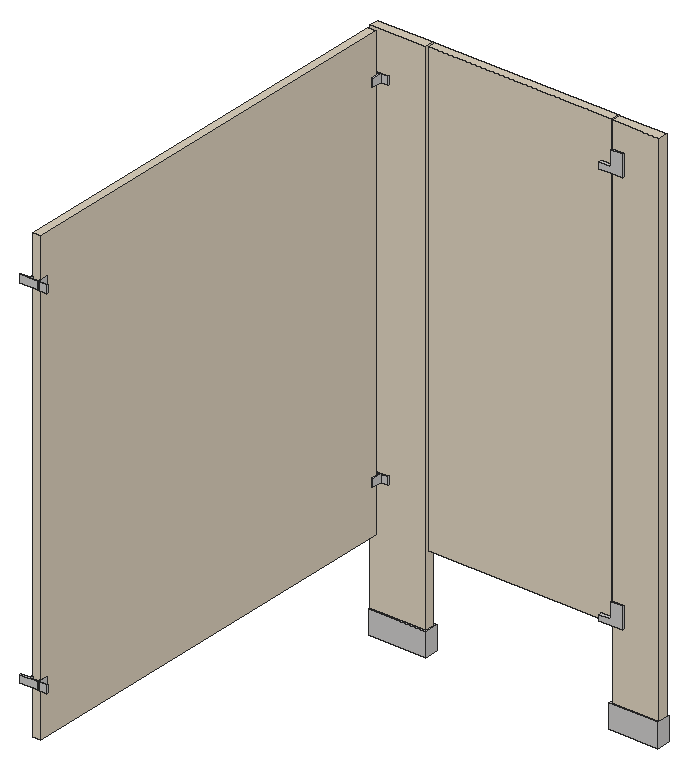
Revit family "Toilet-Partition_AmericanSanitary_Floor-Stile", category Specialty Equipment, host Wall, Revit 2026
Family settings
  Host = Wall
  Round Connector Dimension = Use Diameter
  Part Type = Normal
  Classification Number = 23.25.40.14.14.11
  Enable Cutting in Views = No
  Always vertical = Yes
  Cut with Voids When Loaded = No
  Maintain Annotation Orientation = No
  Shared = No
  Room Calculation Point = No
Parameters (values of type "As Specified in 10 21 00")
  topoffset = 0' - 0 1/4"
  strkhdwr [instance] = not(or((End Panel_Strike Side), (Terminates at Wall_Strike Side)))  # no
  hngpnlconstrain [instance] = if((Terminates at Wall_Hinge Side), (Front Panel Width_Hinge Side - Reveal Clearance), (if((End Panel_Hinge Side), (Front Panel Width_Hinge Side + Panel Thickness + 0' 0 1/8"), (Front Panel Width_Hinge Side))))  # 0' - 6"
  hngpnl2 [instance] = if((Terminates at Wall_Strike Side), (Panel Thickness - Reveal Clearance - 0' 0 1/8"), (if((End Panel_Strike Side), (Panel Thickness + 0' 0 1/8"), (Panel Thickness))))  # 0' - 1 1/8"
  capoffset = 0' - 0"
  Warranty Duration (Years) = 0
  URL = "http://www.am-sanitary-partition.com/\r\n"
  Type Comments = "Toilet Partition"
  Terminates at Wall_Strike Side [instance] = no
  Terminates at Wall_Hinge Side [instance] = no
  Stile Thickness = 0' - 1 1/4"
  Stall Width = 3' - 0"
  Stall Depth [instance] = 4' - 8"
  Pilaster Height = 5' - 10"
  Panel Thickness = 0' - 1"
  Outswing [instance] = not(Inswing)  # no
  Inswing [instance] = yes
  Green Building-LEED = "http://www.arcat.com/green/clients/leed_data_30440.html\r\n"
  End Panel_Strike Side [instance] = not(Terminates at Wall_Strike Side)  # yes
  Front Panel Width_Strike Side = 0' - 6"
  Specification = "http://www.arcat.com/specwizard/clients/amerisan.html?coid=30440\r\n"
  SpecWizard = "http://www.arcat.com/specwizard/10150asp/index.htm?mf=&coid=30440\r\n"
  Send Message = "http://admin.arcat.com/users.pl?action=UserEmail&company=American%20Sanitary%20Partition%20Corp.&coid=30440&rep=145&fax=407-656-8189&mf=\r\n"
  Sales Information = "http://www.am-sanitary-partition.com/\r\n"
  Revision = "R1_10/2009"
  Reveal Clearance = 0' - 0 1/2"
  Product Properties = "http://www.arcat.com/bim/bim_info.pl?fn=Toilet-Partition_AmericanSanitary_Floor-Stile\r\n"
  Product Data = "http://www.arcat.com/arcatcos/cos30/arc30440.html\r\n"
  Panel Material [instance] = Solid Plastic - Color as Specified
  Model = "As Specified in 10 21 00"
  Manufacturer's Notes = ""
  Manufacturer Website = "http://www.am-sanitary-partition.com/\r\n"
  Manufacturer Phone = "407-656-0611\r\n"
  Manufacturer Fax = "407-656-8189\r\n"
  Manufacturer Address = "300 Enterprise St.; P. O. Box 99; Ocoee; FL 34761\r\n"
  Manufacturer = "American Sanitary Partition Corp.\r\n"
  Maintenance Schedule (Months) = 0
  Keynote = "10 21 00"
  Installation-Fabrication = "http://www.arcat.com/clients/amersan.pdf"
  Installation Phase = ""
  End Panel_Hinge Side [instance] = no
  Front Panel Width_Hinge Side = Stall Width - Door Width - Front Panel Width_Strike Side  # 0' - 6"
  Hardware Finish [instance] = Stainless Steel - Type 304 #4 Brushed Finish
  Expected Lifespan (Years) = 0
  Drawn By = "Robert S. Weygant, CSI, CDT, SCIP"  # constant formula
  Door Width = 2' - 0"
  Door Thickness = 0' - 1"
  Door Height = Pilaster Height - Distance from Floor to Panel  # 4' - 10"
  Distance from Floor to Panel = 1' - 0"
  Default Elevation = 0' - 0"
  Copyright = "2009, ARCAT, Inc."  # constant formula
  Description = "As Specified in 10 21 00"
  Construction Details = "http://www.arcat.com/details/amerisan/amerisan.html?coid=30440\r\n"
  Brackets_Vertical = 2
  Assembly Code = "C1010400"
Reference planes (in)
  plane 1: y = 26.56271
  plane 2 "Center (Left/Right)": x = 26.6528
  plane 3 "Left": x = 44.6528
  plane 4: x = 8.6528
  plane 5: y = 83.81271
  plane 6 "Back": y = 29.06271
  plane 7 "Right": x = 7.6528
  plane 8 "Front": y = 85.06271
  plane 9 "Bottom of panel": z = 12
  plane 10 "Top of panel": z = 70
  plane 11: x = 14.6528
  plane 12: x = 38.6528
  plane 13 "Bottom Bracket": z = 18
  plane 14 "Top Bracket": z = 64
  plane 15 "Top Hinge": z = 66.75
  plane 16: y = 83.31271
  plane 17: y = 29.56271
  plane 18: z = 0
  plane 19: x = 7.5278
Forms (in)
  Extrusion 1, solid, material "Solid Plastic - Color as Specified" <- "Panel Material"
    sketch origin (0, 0, 0) x (1, 0, 0) y (0, 1, 0)
      loop
        line (7.5278, 85.06271) -> (7.5278, 83.81271) -> (14.6528, 83.81271) -> (14.6528, 85.06271) -> (7.5278, 85.06271)
    from 0 to 70
  Extrusion 2, solid, material "Stainless Steel - Type 304 #4 Brushed Finish" <- "Hardware Finish", detail levels medium+fine
    sketch origin (0, 85.06271, 0) x (-1, 0, 0) y (0, 0, 1)
      loop
        line (-13.1528, 39.97704) -> (-13.1528, 42.02296) -> (-15.6528, 42.02296) -> (-15.6528, 39.97704) -> (-13.1528, 39.97704)
    from 0 to 0.25
  Extrusion 3, solid, material "Solid Plastic - Color as Specified" <- "Panel Material"
    sketch origin (0, 0, 0) x (1, 0, 0) y (0, 1, 0)
      loop
        line (38.6528, 85.06271) -> (38.6528, 83.81271) -> (44.6528, 83.81271) -> (44.6528, 85.06271) -> (38.6528, 85.06271)
    from 0 to 70
  Extrusion 4, solid, material "Solid Plastic - Color as Specified" <- "Panel Material", visible <- "End Panel_Hinge Side"
    sketch origin (0, 0, 0) x (1, 0, 0) y (0, 1, 0)
      loop
        line (44.6528, 29.56271) -> (45.6528, 29.56271) -> (45.6528, 83.31271) -> (44.6528, 83.31271) -> (44.6528, 29.56271)
    from 12 to 70
  Extrusion 5, solid, material "Solid Plastic - Color as Specified" <- "Panel Material", visible <- "End Panel_Strike Side"
    sketch origin (0, 0, 0) x (1, 0, 0) y (0, 1, 0)
      loop
        line (7.6528, 29.56271) -> (8.6528, 29.56271) -> (8.6528, 83.31271) -> (7.6528, 83.31271) -> (7.6528, 29.56271)
    from 12 to 70
  Extrusion 6, solid, material "Stainless Steel - Type 304 #4 Brushed Finish" <- "Hardware Finish", detail levels fine
    sketch origin (0, 85.06271, 0) x (-1, 0, 0) y (0, 0, 1)
      loop
        line (-38.6528, 66.75) -> (-40.1528, 66.75) -> (-40.1528, 64) -> (-38.6528, 64) -> (-37.1528, 64) -> (-37.1528, 64.75) -> (-38.6528, 64.75) -> (-38.6528, 66.75)
    from -1.49944 to 0.25
  Extrusion 7, solid, material "Stainless Steel - Type 304 #4 Brushed Finish" <- "Hardware Finish", detail levels fine
    sketch origin (0, 85.06271, -52) x (-1, 0, 0) y (0, 0, 1)
      loop
        line (-38.6528, 66.75) -> (-40.1528, 66.75) -> (-40.1528, 64) -> (-37.1528, 64) -> (-37.1528, 64.75) -> (-38.6528, 64.75) -> (-38.6528, 66.75)
    from -1.49944 to 0.25
  Extrusion 8, solid, material "Solid Plastic - Color as Specified" <- "Panel Material"
    sketch origin (0, 85.06271, 0) x (-1, 0, 0) y (0, 0, 1)
      loop
        line (-36.9028, 12) -> (-14.9028, 12) -> (-14.9028, 70) -> (-38.4028, 70) -> (-38.4028, 64.75) -> (-36.9028, 64.75) -> (-36.9028, 63.9223) -> (-38.4028, 63.9223) -> (-38.4028, 12.75) -> (-36.9028, 12.75) -> (-36.9028, 12)
    from -1 to 0
  Extrusion 9, solid, material "Stainless Steel - Type 304 #4 Brushed Finish" <- "Hardware Finish", detail levels fine
    sketch origin (0, 85.06271, 78) x (-1, 0, 0) y (0, 0, 1)
      loop
        line (-14.9028, -78) -> (-7.5278, -78) -> (-7.5278, -75) -> (-14.9028, -75) -> (-14.9028, -78)
    from -1.49768 to 0.24505
  Extrusion 10, solid, material "Stainless Steel - Type 304 #4 Brushed Finish" <- "Hardware Finish", detail levels fine
    sketch origin (0, 85.06271, 79) x (-1, 0, 0) y (0, 0, 1)
      loop
        line (-44.6528, -79) -> (-38.4028, -79) -> (-38.4028, -76) -> (-44.6528, -76) -> (-44.6528, -79)
    from -1.49944 to 0.25923
Lines and regions (in)
  symbolic lines
    curve 1: line (38.6528, 0, 70) -> (14.6528, 0, 41)
    curve 2: line (14.6528, 0, 41) -> (38.6528, 0, 12)
    curve 3: line (8.6528, 29.06271, 0) -> (7.6528, 29.06271, 0)
  symbolic lines, visible <- "Inswing"
    curve 4: line (38.6528, 83.81271, 0) -> (38.6528, 59.81271, 0)
    curve 5: line (38.6528, 59.81271, 0) -> (37.6528, 59.81271, 0)
    curve 6: line (37.6528, 59.81271, 0) -> (37.6528, 83.81271, 0)
    curve 7: line (37.6528, 83.81271, 0) -> (38.6528, 83.81271, 0)
  symbolic lines, style "Toilet Accessories-Dashed", visible <- "Inswing"
    curve 8: arc (14.6528, 83.81271, 0) -> (21.68224, 66.84214, 0) -> (38.6528, 59.81271, 0) r 24
  symbolic lines, visible <- "Outswing"
    curve 9: line (38.6528, 85.06271, 0) -> (38.6528, 108.97195, 0)
    curve 10: line (38.6528, 108.97195, 0) -> (37.6528, 108.97195, 0)
    curve 11: line (37.6528, 108.97195, 0) -> (37.6528, 85.06271, 0)
    curve 12: line (37.6528, 85.06271, 0) -> (38.6528, 85.06271, 0)
  symbolic lines, style "Toilet Accessories-Dashed", visible <- "Outswing"
    curve 13: arc (14.6528, 84.97195, 0) -> (21.68224, 101.94252, 0) -> (38.6528, 108.97195, 0) r 24
Text (in)
  text "Placement Side" at (0, 40.15149, 123.01588), in view "Right"
  text "Placement Side" at (-71.13158, 43.3951, 0), in view "Floor Line"
  text "Placement Side" at (0, 65.23256, 117.93067), in view "Left"
Dimensions and locks (in)
  "Stall Width": plane 4 to plane 3 "Left"
  "Door Height": plane 9 "Bottom of panel" to plane 10 "Top of panel"
  "Distance from Floor to Panel": host wall to plane 9 "Bottom of panel"
  equal spacing: plane 9 "Bottom of panel", curve 2, plane 10 "Top of panel"
  "Panel Thickness": plane 7 "Right" to plane 4
  "Panel Thickness": plane 3 "Left" to Extrusion 4 sketch curve
  locked: Extrusion 6 sketch curve to plane 12 at 1.5  (x2)
  locked: plane 9 "Bottom of panel" to Extrusion 7 sketch curve at 2.75
  locked: Extrusion 7 sketch curve to plane 12 at 1.5
  locked: plane 12 to Extrusion 7 sketch curve at 1.5
  locked: plane 12 to Extrusion 8 sketch curve at 0.25
  locked: plane 11 to Extrusion 8 sketch curve at 0.25
  locked: Extrusion 2 sketch curve to plane 11 at 1.5
  "Front Panel Width_Hinge Side": plane 12 to plane 3 "Left"
  "Door Width": plane 11 to plane 12
  locked: Extrusion 9 sketch curve to plane 11 at 0.25
  locked: Extrusion 10 sketch curve to plane 12 at 0.25
  equal spacing: plane 4, plane 2 "Center (Left/Right)", plane 3 "Left"
  locked: Extrusion 9 to plane 8 "Front" at 0.24505
  locked: Extrusion 9 to plane 5 at 0.24768
  "Door Thickness": curve 6 to plane 12
  group 1 to group 2 = 0' - 0"
  group 2 to group 1 = 0' - 0"
  group 1 to group 2 = 3' - 10"
  locked: plane 14 "Top Bracket" to plane 15 "Top Hinge" at 2.75
  locked: plane 14 "Top Bracket" to plane 10 "Top of panel" at 6
  locked: plane 9 "Bottom of panel" to plane 13 "Bottom Bracket" at 6
  "Reveal Clearance": plane 16 to plane 5
  "Reveal Clearance": plane 17 to plane 6 "Back"
  group 4 to group 3 = 0' - 0 3/8"
  group 4 to group 3 = 0' - 0"
  group 3 to group 4 = 3' - 10"
  Extrusion 10 to Extrusion 3 = 0' - 0.25923"
  Extrusion 10 to Extrusion 3 = 0' - 0.24944"
  locked: Extrusion 10 to Extrusion 3 at 0.25
  "Stile Thickness": plane 8 "Front" to plane 5
  "capoffset": Extrusion 3 to Extrusion 10
  "hngpnlconstrain": Extrusion 3 sketch curve to Extrusion 3 sketch curve
  "capoffset": Extrusion 9 to Extrusion 1
  group 5 to group 6 = 0' - 0"  (x2)
  group 5 to group 6 = 3' - 10"
  group 7 to group 8 = 0' - 0"
  group 8 to group 7 = 0' - 0"
  group 7 to group 8 = 3' - 10"
  group 9 to group 10 = 0' - 0"
  group 10 to group 9 = 0' - 0"
  group 9 to group 10 = 3' - 10"
  Extrusion 4 to Extrusion 10 sketch curve = 0' - 1"
  "hngpnl2": plane 19 to plane 4
  group 11 to group 12 = 0' - 0"
  group 12 to group 11 = 0' - 0"
  group 11 to group 12 = 3' - 10"
  "Stall Depth": plane 8 "Front" to plane 6 "Back"
  group 13 to group 14 = 0' - 0"  (x2)
  group 13 to group 14 = 3' - 10"
  locked: Extrusion 10 sketch curve to Extrusion 10 sketch curve at 3
  locked: Extrusion 9 sketch curve to Extrusion 9 sketch curve at 3
  "Door Thickness": Extrusion 8 to Extrusion 8
  "Door Thickness": curve 11 to curve 9
  "Stile Thickness": Extrusion 3 sketch curve to Extrusion 3 sketch curve
  "Stall Depth": plane 6 "Back" to Extrusion 3 sketch curve
  "Door Width": radius of curve 13
  aligned and locked: Extrusion 1 sketch curve to plane 8 "Front"
  aligned and locked: Extrusion 1 sketch curve to plane 5
  aligned and locked: Extrusion 1 sketch curve to plane 11
  aligned and locked: Extrusion 2 to plane 8 "Front"
  aligned and locked: plane 12 to Extrusion 3 sketch curve
  aligned and locked: plane 3 "Left" to Extrusion 4 sketch curve
  aligned and locked: plane 9 "Bottom of panel" to Extrusion 4
  aligned and locked: Extrusion 5 to plane 10 "Top of panel"
  aligned and locked: plane 9 "Bottom of panel" to Extrusion 5
  aligned and locked: plane 15 "Top Hinge" to Extrusion 6 sketch curve
  aligned and locked: plane 14 "Top Bracket" to Extrusion 6 sketch curve
  aligned and locked: Extrusion 6 sketch curve to plane 12
  aligned and locked: plane 9 "Bottom of panel" to Extrusion 7 sketch curve
  aligned and locked: Extrusion 7 sketch curve to plane 12
  aligned and locked: Extrusion 7 to Extrusion 8 sketch curve
  aligned and locked: plane 10 "Top of panel" to Extrusion 8 sketch curve
  aligned and locked: curve 4 to plane 12
  aligned and locked: plane 8 "Front" to Extrusion 8
  aligned and locked: plane 7 "Right" to nested 1
  aligned and locked: nested 1 to plane 5  (x4)
  aligned and locked: plane 13 "Bottom Bracket" to nested 1
  aligned and locked: plane 14 "Top Bracket" to nested 2
  aligned and locked: plane 7 "Right" to nested 2
  aligned and locked: plane 5 to nested 1
  aligned and locked: plane 16 to Extrusion 5 sketch curve
  aligned and locked: Extrusion 5 sketch curve to plane 17
  aligned and locked: plane 17 to Extrusion 4 sketch curve
  aligned and locked: plane 16 to Extrusion 4 sketch curve
  aligned and locked: nested 3 to plane 5  (x2)
  aligned and locked: nested 3 to plane 3 "Left"
  aligned and locked: nested 3 to plane 13 "Bottom Bracket"
  aligned and locked: nested 4 to plane 14 "Top Bracket"
  aligned and locked: plane 5 to nested 3
  aligned and locked: plane 3 "Left" to nested 3
  aligned and locked: Extrusion 4 to plane 10 "Top of panel"
  aligned and locked: nested 5 to plane 4  (x3)
  aligned and locked: plane 6 "Back" to nested 5
  aligned and locked: nested 6 to plane 3 "Left"
  aligned and locked: nested 6 to plane 6 "Back"  (x3)
  aligned and locked: nested 6 to plane 13 "Bottom Bracket"
  aligned and locked: plane 13 "Bottom Bracket" to nested 5
  aligned and locked: plane 6 "Back" to nested 6  (x2)
  aligned and locked: nested 7 to plane 14 "Top Bracket"
  aligned and locked: nested 7 to plane 3 "Left"
  aligned and locked: nested 5 to plane 6 "Back"  (x4)
  aligned and locked: nested 8 to plane 3 "Left"
  aligned and locked: nested 8 to plane 8 "Front"  (x3)
  aligned and locked: plane 13 "Bottom Bracket" to nested 8
  aligned and locked: plane 14 "Top Bracket" to nested 9
  aligned and locked: nested 9 to plane 3 "Left"
  aligned and locked: plane 3 "Left" to nested 8
  aligned and locked: plane 7 "Right" to nested 5  (x2)
  aligned and locked: nested 7 to plane 6 "Back"
  aligned and locked: plane 6 "Back" to nested 7
  aligned and locked: plane 14 "Top Bracket" to nested 10
  aligned and locked: nested 10 to plane 4
  aligned and locked: plane 18 to level
  aligned and locked: Extrusion 1 to plane 19
  aligned and locked: plane 8 "Front" to nested 11  (x2)
  aligned and locked: nested 11 to plane 7 "Right"
  aligned and locked: nested 11 to plane 13 "Bottom Bracket"
  aligned and locked: nested 12 to plane 14 "Top Bracket"
  aligned and locked: nested 12 to plane 7 "Right"
  aligned and locked: nested 11 to plane 8 "Front"
  aligned and locked: plane 6 "Back" to host wall
  aligned and locked: plane 5 to nested 13
  aligned and locked: nested 13 to plane 5  (x2)
  aligned and locked: plane 13 "Bottom Bracket" to nested 13  (x2)
  aligned and locked: nested 13 to plane 13 "Bottom Bracket"
  aligned and locked: plane 7 "Right" to nested 13
  aligned and locked: plane 14 "Top Bracket" to nested 14  (x2)
  aligned and locked: nested 14 to plane 14 "Top Bracket"
  aligned and locked: plane 7 "Right" to nested 14
  aligned and locked: plane 5 to nested 14
  aligned and locked: plane 18 to Extrusion 1
  aligned and locked: plane 18 to Extrusion 3
  aligned and locked: plane 18 to Extrusion 10 sketch curve
  aligned and locked: plane 18 to Extrusion 9 sketch curve
  aligned and locked: Extrusion 3 to plane 10 "Top of panel"
  aligned and locked: Extrusion 1 to plane 10 "Top of panel"
  aligned and locked: plane 12 to curve 9
  aligned and locked: curve 12 to plane 8 "Front"
  aligned and locked: plane 6 "Back" to nested 10
  aligned and locked: plane 5 to nested 2
  aligned and locked: plane 5 to nested 12
  aligned and locked: nested 4 to plane 5
  aligned and locked: nested 9 to plane 5
  aligned and locked: Extrusion 6 to Extrusion 10
Automatic sketch dimensions
  curve 3 to host wall = 0' - 0"
  curve 3 to plane 7 "Right" = 0' - 0"
  curve 3 to plane 4 = 0' - 0"
  curve 1 to plane 10 "Top of panel" = 0' - 0"
  curve 2 to plane 9 "Bottom of panel" = 0' - 0"
  curve 1 to plane 11 = 0' - 0"
  curve 2 to plane 12 = 0' - 0"
  curve 1 to plane 12 = 0' - 0"
  plane 11 to Extrusion 2 sketch curve = 0' - 1"
  plane 13 "Bottom Bracket" to Extrusion 2 sketch curve = 1' - 9.97704"
  Extrusion 2 sketch curve to Extrusion 2 sketch curve = 0' - 2.04593"
  Extrusion 6 sketch curve to plane 12 = 0' - 0"
  Extrusion 6 sketch curve to Extrusion 6 sketch curve = 0' - 0 3/4"
  Extrusion 7 sketch curve to plane 9 "Bottom of panel" = 0' - 0 3/4"
  Extrusion 8 sketch curve to plane 12 = 0' - 0 1/4"
  Extrusion 8 sketch curve to plane 9 "Bottom of panel" = 0' - 0 3/4"
  Extrusion 8 sketch curve to Extrusion 8 sketch curve = 0' - 1 1/2"  (x2)
  Extrusion 8 sketch curve to plane 14 "Top Bracket" = 0' - 0.0777"
  plane 14 "Top Bracket" to Extrusion 8 sketch curve = 0' - 0 3/4"
  curve 8 to plane 5 = 0' - 0"
  curve 8 to plane 11 = 0' - 0"
  curve 7 to plane 5 = 0' - 0"
  Extrusion 5 sketch curve to plane 4 = 0' - 0"
  Extrusion 5 sketch curve to plane 7 "Right" = 0' - 0"
  Extrusion 1 sketch curve to plane 7 "Right" = 0' - 0 1/8"
  Extrusion 9 sketch curve to plane 7 "Right" = 0' - 0 1/8"
  curve 13 to plane 8 "Front" = 0' - 0.09075"
Nested families (in)
  nested 1: "Mounting Bracket" at (7.6528, 83.81271, 18), visible <- "strkhdwr", type "Common Mount"
    with panel thickness 0' - 1"
  nested 2: "Mounting Bracket" at (7.6528, 83.81271, 64), visible <- "strkhdwr", type "Common Mount"
    with panel thickness 0' - 1"
  nested 3: "Mounting Bracket" at (45.9028, 83.81271, 18) x (-1, 0, 0) z (0, 0, 1), visible <- "End Panel_Hinge Side", type "End Mount"
  nested 4: "Mounting Bracket" at (45.5278, 83.81271, 64) x (-1, 0, 0) z (0, 0, 1), visible <- "End Panel_Hinge Side", type "End Mount"
  nested 5: "Mounting Bracket" at (8.6528, 29.06271, 18) x (-1, 0, 0) z (0, 0, 1), visible <- "End Panel_Strike Side", type "Common Mount"
    with panel thickness 0' - 1"
  nested 6: "Mounting Bracket" at (44.6528, 29.06271, 18), visible <- "End Panel_Hinge Side", type "Common Mount"
    with panel thickness 0' - 1"
  nested 7: "Mounting Bracket" at (44.6528, 29.06271, 64), visible <- "End Panel_Hinge Side", type "Common Mount"
    with panel thickness 0' - 1"
  nested 8: "Mounting Bracket" at (44.6528, 85.06271, 18) x (0, -1, 0) z (0, 0, 1), visible <- "Terminates at Wall_Hinge Side", type "End Mount"
  nested 9: "Mounting Bracket" at (44.6528, 85.06271, 64) x (0, -1, 0) z (0, 0, 1), visible <- "Terminates at Wall_Hinge Side", type "End Mount"
  nested 10: "Mounting Bracket" at (8.6528, 29.06271, 64) x (-1, 0, 0) z (0, 0, 1), visible <- "End Panel_Strike Side", type "Common Mount"
    with panel thickness 0' - 1"
  nested 11: "Mounting Bracket" at (7.6528, 85.06271, 18) x (0, -1, 0) z (0, 0, 1), visible <- "Terminates at Wall_Strike Side", type "End Mount"
  nested 12: "Mounting Bracket" at (7.6528, 85.06271, 64) x (0, -1, 0) z (0, 0, 1), visible <- "Terminates at Wall_Strike Side", type "End Mount"
  nested 13: "Mounting Bracket" at (7.6528, 83.81271, 18), visible <- "End Panel_Strike Side", type "End Mount"
  nested 14: "Mounting Bracket" at (7.6528, 83.81271, 64), visible <- "End Panel_Strike Side", type "End Mount"
Definition of nested family "Mounting Bracket"
  Parameters
    panel thickness = 0' - 0 1/2"
    hdwr matl = none
    Surfmnt = yes
    Hdwr Height = 0' - 1"
    Default Elevation = 0' - 0"
    Assembly Code = ""
  Reference planes (in)
    plane 1 "Center (Front/Back)": y = 0
    plane 2 "bottom": z = 0
    plane 3 "Center (Left/Right)": x = 0
    plane 4: y = -1.37133
    plane 5 "top": z = 1
    plane 6: y = -0.12324
  Forms (in)
    Extrusion 1, solid, material <- "hdwr matl"
      sketch origin (0, 0, 0) x (1, 0, 0) y (0, 1, 0)
        loop
          line (0, -1.37133) -> (0, -0.125) -> (0.5, -0.125) -> (0.5, -1.37133) -> (0.625, -1.37133) -> (0.625, -0.12324) -> (2.25, -0.12324) -> (2.25, 0) -> (-0.125, 0) -> (-0.125, -1.37133) -> (0, -1.37133)
      from 0 to 1
    Extrusion 2, solid, material <- "hdwr matl", visible <- "Surfmnt"
      sketch origin (0, 0, 0) x (1, 0, 0) y (0, 1, 0)
        loop
          line (0, 0) -> (-1.25, 0) -> (-1.25, -0.125) -> (0, -0.125) -> (0, 0)
      from 0 to 1
  Dimensions and locks (in)
    "panel thickness": Extrusion 1 sketch curve to Extrusion 1 sketch curve
    locked: Extrusion 1 sketch curve to Extrusion 1 sketch curve at 0.125  (x2)
    locked: plane 4 to plane 1 "Center (Front/Back)" at 1.37133
    locked: Extrusion 1 sketch curve to Extrusion 1 sketch curve at 2.375
    locked: Extrusion 2 sketch curve to Extrusion 2 sketch curve at 0.125
    locked: Extrusion 2 sketch curve to Extrusion 2 sketch curve at 1.25
    "Hdwr Height": plane 5 "top" to plane 2 "bottom"
    locked: plane 6 to plane 1 "Center (Front/Back)" at 0.12324
    "panel thickness": Extrusion 1 to Extrusion 1
    aligned and locked: plane 3 "Center (Left/Right)" to Extrusion 1 sketch curve
    aligned and locked: Extrusion 1 sketch curve to plane 1 "Center (Front/Back)"
    aligned and locked: Extrusion 1 sketch curve to plane 4  (x2)
    aligned and locked: Extrusion 2 sketch curve to plane 1 "Center (Front/Back)"
    aligned and locked: plane 3 "Center (Left/Right)" to Extrusion 2 sketch curve
    aligned and locked: plane 5 "top" to Extrusion 1
    aligned and locked: plane 5 "top" to Extrusion 2
    aligned and locked: Extrusion 1 to plane 2 "bottom"
    aligned and locked: Extrusion 2 to plane 2 "bottom"
  Automatic sketch dimensions
    plane 1 "Center (Front/Back)" to Extrusion 1 sketch curve = 0' - 0.12324"
    plane 1 "Center (Front/Back)" to Extrusion 1 sketch curve = 0' - 0 1/8"
